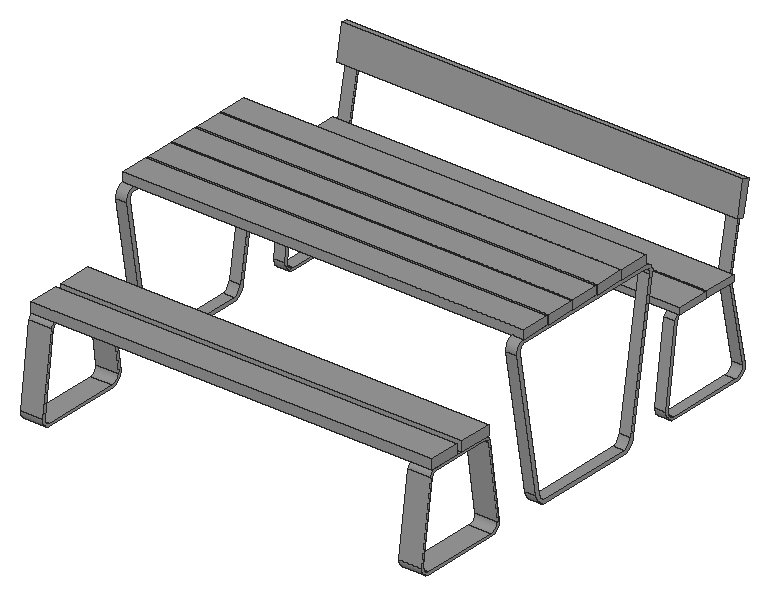
Revit family "13997 Комплект садовой мебели «Колледж» Хоббика", category Антураж, Revit 2018
Family settings
  На основе рабочей плоскости = Нет
  Всегда вертикально = Да
  При загрузке вырезать с полостями = Нет
  Источник визуального образа = Геометрия семейства
  Общий = Нет
  Точка расчета площади = Нет
Parameters (values of type "Комплект садовой мебели «Колледж»")
  Ширина стола = 760 mm  # constant formula
  Ширина скамейки = 470 mm  # constant formula
  Ширина банкетки = 440 mm  # constant formula
  Цвет отделки = Дерево
  Цвет опор = Сталь
  Описание = "Комплект садовой мебели «Колледж»"  # constant formula
  Материал изделия = "Сталь, дерево"  # constant formula
  Изображение типоразмера = Комплект садовой мебели «Колледж» Арт 13997.jpg
  Изготовитель = "ООО «Хоббика»"  # constant formula
  Длина = 1800 mm  # constant formula
  Группа модели = "Комплекты садовой мебели"  # constant formula
  Высота стола = 750 mm  # constant formula
  Высота = 820 mm  # constant formula
  Артикул товара = "Арт. 13997"  # constant formula
  URL = "https://hobbyka.ru/product/komplekt_sadovoy_mebeli_kolledzh"
Reference planes
  plane 1 "По центру (Вперед/Назад)": y = 0
  plane 2: z = 0
  plane 3 "По центру (Влево/Вправо)": x = 0
  plane 4: x = 1800
  plane 5: y = 1840
Dimensions and locks
  "Длина": plane 3 "По центру (Влево/Вправо)" to plane 4
  plane 1 "По центру (Вперед/Назад)" to plane 5 = 1840 mm
  aligned and locked: level to plane 2
Nested families
  nested 1: "Скамейка стальная «Колледж» без спинки Арт 13998" at (0, 0, 0), type "Скамейка стальная «Колледж» без спинки"
  nested 2: "Скамейка стальная «Колледж» со спинкой" at (0, 1396, 0), type "Скамейка стальная «Колледж»"
  nested 3: "Стол садовый «Колледж» Арт 16499" at (0, 536, 0), type "Стол садовый «Колледж»"
Definition of nested family "Скамейка стальная «Колледж» без спинки Арт 13998"
  Parameters (values of type "Скамейка стальная «Колледж» без спинки")
    Ширина = 436 mm  # constant formula
    Цвет опор = none
    Цвет лавки = none
    Description = "Скамейка стальная «Колледж» без спинки"  # constant formula
    Материал изделия = "Сталь, дерево"  # constant formula
    Type Image = element 2539
    Manufacturer = "ООО «Хоббика»"  # constant formula
    Длина = 1800 mm  # constant formula
    Model = "Скамейки"  # constant formula
    Height = 456 mm  # constant formula
    Артикул товара = "Арт. 13998"  # constant formula
    URL = "https://hobbyka.ru/product/skameyka_bez_spinki_ulichnaya_kolledzh/"
  Reference planes
    plane 1 "По центру (Вперед/Назад)": y = 0
    plane 2: z = 0
    plane 3 "По центру (Влево/Вправо)": x = 0
    plane 4: y = 436
    plane 5: x = 1800
    plane 6: z = 456
  Forms (mm)
    Extrusion 1, solid, material <- "Цвет лавки"
      sketch origin (0, 0, 0) x (0, 1, 0) y (0, 0, 1)
        loop
          line (376, 456) -> (226, 456) -> (226, 411) -> (376, 411) -> (376, 456)
        loop
          line (200.197, 456) -> (60.197, 456) -> (60.197, 411) -> (200.197, 411) -> (200.197, 456)
      from 0 to 1800
    Extrusion 2, solid, material <- "Цвет опор"
      sketch origin (0, 0, 0) x (0, 1, 0) y (0, 0, 1)
        loop
          arc (393.161, 10) -> (416.141, 19.38) -> (425.993, 42.161) r 32.839
          line (425.993, 42.161) -> (376.135, 383.691)
          arc (376.135, 383.691) -> (367.001, 396.218) -> (352.254, 401) r 25.128
          line (352.254, 401) -> (83.746, 401)
          arc (83.746, 401) -> (68.999, 396.218) -> (59.865, 383.691) r 25.128
          line (59.865, 383.691) -> (10.007, 42.161)
          arc (10.007, 42.161) -> (19.859, 19.38) -> (42.839, 10) r 32.839
          line (42.839, 10) -> (393.161, 10)
        loop
          arc (0, 42.839) -> (12.547, 12.547) -> (42.839, 0) r 42.839
          line (42.839, 0) -> (393.161, 0)
          arc (393.161, 0) -> (423.453, 12.547) -> (436, 42.839) r 42.839
          line (436, 42.839) -> (385.916, 385.914)
          arc (385.916, 385.914) -> (373.245, 404.039) -> (352.254, 411) r 35.128
          line (352.254, 411) -> (83.746, 411)
          arc (83.746, 411) -> (62.755, 404.039) -> (50.084, 385.914) r 35.128
          line (50.084, 385.914) -> (0, 42.839)
      from 0 to 100
    Extrusion 3, solid, material <- "Цвет опор"
      sketch origin (0, 0, 0) x (0, 1, 0) y (0, 0, 1)
        loop
          arc (385.916, 385.914) -> (373.245, 404.039) -> (352.254, 411) r 35.128
          line (352.254, 411) -> (83.746, 411)
          arc (83.746, 411) -> (62.755, 404.039) -> (50.084, 385.914) r 35.128
          line (50.084, 385.914) -> (0, 42.839)
          arc (0, 42.839) -> (12.547, 12.547) -> (42.839, 0) r 42.839
          line (42.839, 0) -> (393.161, 0)
          arc (393.161, 0) -> (423.453, 12.547) -> (436, 42.839) r 42.839
          line (436, 42.839) -> (385.916, 385.914)
        loop
          line (425.993, 42.161) -> (376.135, 383.691)
          arc (376.135, 383.691) -> (367.001, 396.218) -> (352.254, 401) r 25.128
          line (352.254, 401) -> (83.746, 401)
          arc (83.746, 401) -> (68.999, 396.218) -> (59.865, 383.691) r 25.128
          line (59.865, 383.691) -> (10.007, 42.161)
          arc (10.007, 42.161) -> (19.859, 19.38) -> (42.839, 10) r 32.839
          line (42.839, 10) -> (393.161, 10)
          arc (393.161, 10) -> (416.141, 19.38) -> (425.993, 42.161) r 32.839
      from 1700 to 1800
  Lines and regions (mm)
    symbolic lines
      curve 1: line (0, 376, 837.45) -> (0, 376, 217.45)
      curve 2: line (0, 60.197, 837.45) -> (0, 60.197, 157.45)
  Dimensions and locks
    "Длина": plane 3 "По центру (Влево/Вправо)" to plane 5
    "Ширина": plane 4 to plane 1 "По центру (Вперед/Назад)"
    "Height": plane 6 to plane 2
    equal spacing: plane 4, curve 1, curve 2, plane 1 "По центру (Вперед/Назад)"
    plane 4 to plane 1 "По центру (Вперед/Назад)" = 436 mm
    aligned and locked: level to plane 2
  Automatic sketch dimensions
    curve 2 to plane 1 "По центру (Вперед/Назад)" = 60.197 mm
    level to curve 2 = 157.45 mm
    curve 1 to plane 4 = 60 mm
    level to curve 1 = 217.45 mm
    plane 6 to curve 2 = 381.45 mm
    curve 2 to curve 1 = 0 mm
    Extrusion 1 sketch curve to plane 6 = 0 mm  (x2)
    Extrusion 1 sketch curve to plane 1 "По центру (Вперед/Назад)" = 60.197 mm
    Extrusion 1 sketch curve to plane 6 = 45 mm
    Extrusion 1 sketch curve to Extrusion 1 sketch curve = 140 mm
    Extrusion 1 sketch curve to Extrusion 1 sketch curve = 25.803 mm
    Extrusion 1 sketch curve to plane 4 = 60 mm
    Extrusion 1 sketch curve to Extrusion 1 sketch curve = 0 mm
    Extrusion 2 sketch curve to Extrusion 2 sketch curve = 0 mm  (x9)
    Extrusion 2 sketch curve to level = 0 mm
    Extrusion 2 sketch curve to plane 1 "По центру (Вперед/Назад)" = 0 mm
    Extrusion 2 sketch curve to Extrusion 2 sketch curve = 10.007 mm
    Extrusion 2 sketch curve to Extrusion 2 sketch curve = 32.832 mm
    Extrusion 2 sketch curve to plane 1 "По центру (Вперед/Назад)" = 50.084 mm
    Extrusion 2 sketch curve to Extrusion 2 sketch curve = 9.781 mm  (x2)
    Extrusion 2 sketch curve to Extrusion 2 sketch curve = 23.881 mm  (x2)
    Extrusion 2 sketch curve to plane 4 = 83.746 mm
    Extrusion 2 sketch curve to plane 4 = 42.839 mm
    Extrusion 2 sketch curve to plane 4 = 10.007 mm
    level to Extrusion 2 sketch curve = 42.839 mm
    Extrusion 2 sketch curve to Extrusion 2 sketch curve = 10 mm
    Extrusion 2 sketch curve to plane 6 = 80.128 mm
    Extrusion 2 sketch curve to Extrusion 2 sketch curve = 7.819 mm
    Extrusion 2 sketch curve to Extrusion 2 sketch curve = 2.223 mm
    Extrusion 3 sketch curve to plane 1 "По центру (Вперед/Назад)" = 0 mm
    Extrusion 3 sketch curve to level = 0 mm
    Extrusion 3 sketch curve to plane 4 = 0 mm
    Extrusion 3 sketch curve to Extrusion 3 sketch curve = 42.839 mm
    Extrusion 3 sketch curve to plane 1 "По центру (Вперед/Назад)" = 50.084 mm
    Extrusion 3 sketch curve to Extrusion 3 sketch curve = 33.662 mm  (x2)
    Extrusion 3 sketch curve to plane 4 = 83.746 mm
    level to Extrusion 3 sketch curve = 42.839 mm
    Extrusion 3 sketch curve to plane 6 = 80.128 mm
    Extrusion 3 sketch curve to Extrusion 3 sketch curve = 0 mm  (x9)
    Extrusion 3 sketch curve to Extrusion 3 sketch curve = 10.042 mm
    Extrusion 3 sketch curve to plane 1 "По центру (Вперед/Назад)" = 10.007 mm
    Extrusion 3 sketch curve to Extrusion 3 sketch curve = 9.781 mm  (x2)
    Extrusion 3 sketch curve to plane 4 = 10.007 mm
    level to Extrusion 3 sketch curve = 10 mm
    Extrusion 3 sketch curve to Extrusion 3 sketch curve = 2.223 mm
Definition of nested family "Скамейка стальная «Колледж» со спинкой"
  Parameters (values of type "Скамейка стальная «Колледж»")
    Ширина = 445 mm  # constant formula
    Цвет опор = none
    Цвет лавки = none
    Description = "Скамейка стальная «Колледж». Версия 1,8 м"  # constant formula
    Материал изделия = "Сталь, дерево"  # constant formula
    Type Image = element 3598
    Manufacturer = "ООО «Хоббика»"  # constant formula
    Длина = 1800 mm  # constant formula
    Model = "Скамейки"  # constant formula
    Height = 815 mm  # constant formula
    Артикул товара = "Арт. 9467"  # constant formula
    URL = "https://hobbyka.ru/product/skameyka_ulichnaya_kolledzh/"
  Reference planes
    plane 1 "По центру (Вперед/Назад)": y = 0
    plane 2: z = 0
    plane 3 "По центру (Влево/Вправо)": x = 0
    plane 4: x = 1800
    plane 5: x = 45
    plane 6: x = 1755
    plane 7: y = 445
    plane 8: z = 815
  Forms (mm)
    Extrusion 1, solid, material <- "Цвет лавки"
      sketch origin (0, 0, 0) x (0, 1, 0) y (0, 0, 1)
        loop
          line (406.732, 662.038) -> (437.693, 808.808) -> (408.339, 815) -> (377.378, 668.23) -> (406.732, 662.038)
        loop
          line (356.73, 425) -> (356.73, 455) -> (206.73, 455) -> (206.73, 425) -> (356.73, 425)
        loop
          line (201.73, 425) -> (201.73, 455) -> (51.73, 455) -> (51.73, 425) -> (201.73, 425)
      from 0 to 1800
  Dimensions and locks
    "Ширина": plane 7 to plane 1 "По центру (Вперед/Назад)"
    "Длина": plane 3 "По центру (Влево/Вправо)" to plane 4
    locked: plane 3 "По центру (Влево/Вправо)" to plane 5 at 45
    locked: plane 6 to plane 4 at 45
    plane 5 to plane 6 = 1710 mm
    "Height": plane 8 to plane 2
    aligned and locked: level to plane 2
    aligned and locked: plane 5 to nested 1
    aligned and locked: plane 6 to nested 2
    aligned and locked: Extrusion 1 to plane 3 "По центру (Влево/Вправо)"
    aligned and locked: plane 4 to Extrusion 1
  Automatic sketch dimensions
    Extrusion 1 sketch curve to plane 8 = 0 mm
    Extrusion 1 sketch curve to plane 1 "По центру (Вперед/Назад)" = 51.73 mm
    Extrusion 1 sketch curve to Extrusion 1 sketch curve = 150 mm
    Extrusion 1 sketch curve to Extrusion 1 sketch curve = 5 mm
    Extrusion 1 sketch curve to plane 7 = 88.27 mm
    Extrusion 1 sketch curve to plane 7 = 67.622 mm
    Extrusion 1 sketch curve to Extrusion 1 sketch curve = 29.354 mm
    Extrusion 1 sketch curve to plane 7 = 36.661 mm
    Extrusion 1 sketch curve to Extrusion 1 sketch curve = 6.192 mm
    Extrusion 1 sketch curve to Extrusion 1 sketch curve = 213.23 mm
    Extrusion 1 sketch curve to Extrusion 1 sketch curve = 0 mm
    Extrusion 1 sketch curve to Extrusion 1 sketch curve = 30 mm  (x2)
  Nested families
    nested 1: "Скамейка стальная «Колледж» Арт 9467 опора" at (45, 0, 0), type "Скамейка стальная «Колледж» Арт 9467 опора"
    nested 2: "Скамейка стальная «Колледж» Арт 9467 опора" at (1755, 0, 0), type "Скамейка стальная «Колледж» Арт 9467 опора"
  Definition of nested family "Скамейка стальная «Колледж» Арт 9467 опора"
    Parameters (values of type "Скамейка стальная «Колледж» Арт 9467 опора")
      Цвет опоры = none
      Height = 0 mm
    Reference planes
      plane 1 "По центру (Вперед/Назад)": y = 0
      plane 2: z = 0
      plane 3 "По центру (Влево/Вправо)": x = 0
      plane 4: z = 815
      plane 5: y = 445
    Forms (mm)
      Extrusion 1, solid, material <- "Цвет опоры"
        sketch origin (0, 0, 0) x (0, 1, 0) y (0, 0, 1)
          loop
            line (445, 795) -> (435.215, 797.064) -> (356.73, 425) -> (95, 425)
            arc (95, 425) -> (68.394, 416.242) -> (52.192, 393.394) r 44.794
            line (52.192, 393.394) -> (0.495, 50)
            arc (0.495, 50) -> (15.14, 14.645) -> (50.495, 0) r 50
            line (50.495, 0) -> (394.558, 0)
            arc (394.558, 0) -> (429.914, 14.645) -> (444.558, 50) r 50
            line (444.558, 50) -> (366.95, 425) -> (445, 795)
          loop
            line (358.807, 415) -> (95, 415)
            arc (95, 415) -> (74.617, 408.404) -> (61.962, 391.118) r 34.794
            line (61.962, 391.118) -> (10.502, 49.293)
            arc (10.502, 49.293) -> (22.462, 21.467) -> (50.495, 10) r 40
            line (50.495, 10) -> (394.558, 10)
            arc (394.558, 10) -> (422.498, 21.376) -> (434.547, 49.033) r 40
            line (434.547, 49.033) -> (358.807, 415)
        from -25 to 25
    Dimensions and locks
      aligned and locked: level to plane 2
Definition of nested family "Стол садовый «Колледж» Арт 16499"
  Parameters (values of type "Стол садовый «Колледж»")
    Ширина = 760 mm  # constant formula
    Цвет столешницы = none
    Цвет каркаса = none
    Description = "Стол садовый «Колледж»"  # constant formula
    Материал изделия = "Дерево, сталь"  # constant formula
    Type Image = element 5209
    Manufacturer = "ООО «Хоббика»"  # constant formula
    Длина = 1800 mm  # constant formula
    Model = "Садовые столы"  # constant formula
    Height = 750 mm  # constant formula
    Артикул товара = "Арт. 16499"  # constant formula
    URL = "https://hobbyka.ru/product/stol_sadovyy_kolledzh/"
  Reference planes
    plane 1 "По центру (Вперед/Назад)": y = 0
    plane 2: z = 0
    plane 3 "По центру (Влево/Вправо)": x = 0
    plane 4: x = 1800
    plane 5: y = 760
    plane 6: z = 750
  Forms (mm)
    Extrusion 1, solid, material <- "Цвет столешницы"
      sketch origin (0, 0, 0) x (0, 1, 0) y (0, 0, 1)
        loop
          line (720, 710) -> (720, 750) -> (590, 750) -> (590, 710) -> (720, 710)
        loop
          line (582.5, 710) -> (582.5, 750) -> (452.5, 750) -> (452.5, 710) -> (582.5, 710)
        loop
          line (445, 710) -> (445, 750) -> (315, 750) -> (315, 710) -> (445, 710)
        loop
          line (307.5, 710) -> (307.5, 750) -> (177.5, 750) -> (177.5, 710) -> (307.5, 710)
        loop
          line (170, 710) -> (170, 750) -> (40, 750) -> (40, 710) -> (170, 710)
      from 0 to 1800
  Dimensions and locks
    "Длина": plane 3 "По центру (Влево/Вправо)" to plane 4
    "Ширина": plane 5 to plane 1 "По центру (Вперед/Назад)"
    "Height": plane 6 to level
    aligned and locked: level to plane 2
    aligned and locked: plane 4 to nested 2
    aligned and locked: Extrusion 1 to plane 3 "По центру (Влево/Вправо)"
    aligned and locked: plane 4 to Extrusion 1
  Automatic sketch dimensions
    Extrusion 1 sketch curve to plane 6 = 0 mm  (x5)
    Extrusion 1 sketch curve to plane 1 "По центру (Вперед/Назад)" = 40 mm
    Extrusion 1 sketch curve to plane 6 = 40 mm  (x4)
    Extrusion 1 sketch curve to Extrusion 1 sketch curve = 130 mm  (x4)
    Extrusion 1 sketch curve to Extrusion 1 sketch curve = 7.5 mm  (x4)
    Extrusion 1 sketch curve to plane 5 = 40 mm
    Extrusion 1 sketch curve to Extrusion 1 sketch curve = 0 mm
  Nested families
    nested 1: "Опора" at (0, 0, 0), type "Опора"
    nested 2: "Опора" at (1800, 0, 0) x (-1, 0, 0) z (0, 0, 1), type "Опора"
  Definition of nested family "Опора"
    Parameters (values of type "Опора")
      Материал каркаса = none
      Height = 0 mm
    Reference planes
      plane 1 "По центру (Вперед/Назад)": y = 0
      plane 2: z = 0
      plane 3 "По центру (Влево/Вправо)": x = 0
    Forms (mm)
      Extrusion 1, solid, material <- "Материал каркаса"
        sketch origin (0, 46.024, 0) x (0, 1, 0) y (0, 0, 1)
          loop
            line (673.976, 710) -> (-6.024, 710)
            arc (-6.024, 710) -> (-37.264, 694.982) -> (-45.046, 661.205) r 40
            line (-45.046, 661.205) -> (61.957, 51.507)
            arc (61.957, 51.507) -> (76.245, 20.271) -> (103.976, 0) r 68.014
            line (103.976, 0) -> (563.976, 0)
            arc (563.976, 0) -> (591.706, 20.271) -> (605.995, 51.507) r 68.014
            line (605.995, 51.507) -> (712.997, 661.205)
            arc (712.997, 661.205) -> (705.215, 694.982) -> (673.976, 710) r 40
          loop
            line (673.976, 695) -> (-6.024, 695)
            arc (-6.024, 695) -> (-25.648, 685.49) -> (-30.341, 664.194) r 25
            line (-30.341, 664.194) -> (76.731, 54.1)
            arc (76.731, 54.1) -> (87.034, 30.802) -> (107.014, 15) r 53.014
            line (107.014, 15) -> (560.938, 15)
            arc (560.938, 15) -> (580.918, 30.802) -> (591.22, 54.1) r 53.014
            line (591.22, 54.1) -> (698.292, 664.194)
            arc (698.292, 664.194) -> (693.599, 685.49) -> (673.976, 695) r 25
        from 0 to 50
    Lines and regions (mm)
      symbolic lines
        curve 1: line (25, 14.661, 0) -> (25, -9.861, 0)
    Dimensions and locks
      aligned and locked: level to plane 2
